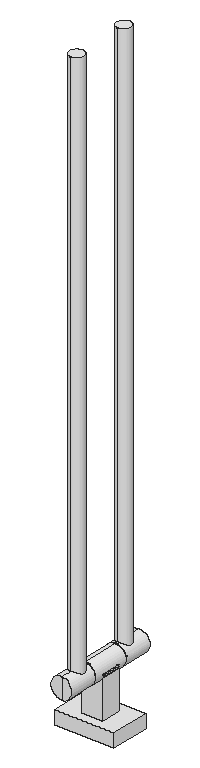
Revit family "Double_Towel_Bar-Grohe-Essentials_Cube-40624001", category Specialty Equipment, host Face, Revit 2018
Family settings
  Host = Face
  Round Connector Dimension = Use Diameter
  Part Type = Normal
  OmniClass Number = 23.40.20.21.27
  OmniClass Title = Towel Bars
  Cut with Voids When Loaded = No
  Shared = Yes
  Room Calculation Point = No
Parameters (values of type "40624001")
  Width = 42 mm
  Warranty Information = "Limited Lifetime Warranty"  # constant formula
  URL = "https://www.grohe.us/"
  Type Comments = ""
  Product Page URL = "https://www.grohe.us/Towel-Bars/18-Inch-Double-Towel-Bar/GROHE-CHROME-40624001"
  Product Documentation Link = "https://americanstandard.box.com/shared/static/jts3ffqr5gf23q4bs0m5tb3bsycpppsn.pdf"
  Price = "Prices may vary. Please consult Manufacturer Representative for most up-to-date price list."  # constant formula
  Model = "40624001"
  Material = "Metal-Grohe-001-Chrome"
  Manufacturer = "Grohe"
  Length = 439 mm
  Installation Type = "Wall Mounted"  # constant formula
  Height = 69 mm
  Finish = Metal-Grohe-001-Starlight Chrome
  Description = "ESSENTIALS CUBE Towel Bar"  # constant formula
  Default Elevation = 0 mm
  Creation Date = "05/03/2021"  # constant formula
  Assembly Code = "C1030200"
Reference planes
  plane 1 "Center (Front/Back)": y = 0
  plane 2: z = 0
  plane 3 "Center (Left/Right)": x = 0
  plane 4: y = 14
  plane 5: y = -14
  plane 6: x = 7.5
  plane 7: x = -7.5
  plane 8: y = -34.5
  plane 9: y = 34.5
  plane 10: z = 40
  plane 11: x = -34.5
  plane 12: x = 34.5
  plane 13: z = 439
  plane 14: x = -21
  plane 15: x = 21
Forms (mm)
  Extrusion 1, solid, material "Metal-Grohe-001-Starlight Chrome" <- "Finish"
    sketch origin (0, 0, 0) x (1, 0, 0) y (0, 1, 0)
      loop
        line (-21, 14) -> (-21, -14) -> (21, -14) -> (21, 14) -> (-21, 14)
    from 0 to 10
  Extrusion 2, solid, material "Metal-Grohe-001-Starlight Chrome" <- "Finish"
    sketch origin (0, 0, 0) x (1, 0, 0) y (0, 1, 0)
      loop
        line (-7.5, 7.5) -> (-7.5, -7.5) -> (7.5, -7.5) -> (7.5, 7.5) -> (-7.5, 7.5)
    from 0 to 40
  Extrusion 3, solid, material "Metal-Grohe-001-Starlight Chrome" <- "Finish"
    sketch origin (0, 0, 0) x (0, 1, 0) y (-1, 0, 0)
      loop
        circle (21, 0) r 5
    from 40 to 439
  Extrusion 4, solid, material "Metal-Grohe-001-Starlight Chrome" <- "Finish"
    sketch origin (0, -42, 0) x (0, 1, 0) y (-1, 0, 0)
      loop
        circle (21, 0) r 5
    from 40 to 439
  Revolve 5, solid, material "Metal-Grohe-001-Starlight Chrome" <- "Finish"
    sketch origin (0, 0, 0) x (0, 1, 0) y (0, 0, 1)
      loop
        line (34.5, 40) -> (34.5, 47.5) -> (14, 47.5) -> (14, 45.834) -> (13.219, 45.834) -> (13.219, 47.5) -> (-13.219, 47.5) -> (-13.219, 45.834) -> (-14, 45.834) -> (-14, 47.5) -> (-34.5, 47.5) -> (-34.5, 40) -> (34.5, 40)
      axis (-34.5, 40) -> (34.5, 40)
    angle from 0 to 360
Lines and regions (mm)
  Masking region 1
    outline origin (0, 0, 0) x (1, 0, 0) y (0, 0, 1)
      loop
        line (5, 439) -> (-5.008, 439) -> (-5.008, 45.583)
        arc (-5.008, 45.583) -> (-6.849, 43.057) -> (-7.5, 40) r 7.5
        line (-7.5, 40) -> (-7.5, 10) -> (-21, 10) -> (-21, 0) -> (21, 0) -> (21, 10) -> (7.5, 10) -> (7.5, 40)
        arc (7.5, 40) -> (6.847, 43.062) -> (5, 45.59) r 7.5
        line (5, 45.59) -> (5, 439)
  symbolic lines, detail levels medium+fine
    curve 1: arc (-5.008, 0, 45.583) -> (-0.005, 0, 47.5) -> (5, 0, 45.59) r 7.5
    curve 2: line (7.5, 0, 10) -> (-7.5, 0, 10)
    curve 3: arc (7.5, 0, 40) -> (0, 0, 32.5) -> (-7.5, 0, 40) r 7.5
Dimensions and locks
  host face to plane 13 = 439 mm
  locked: plane 9 to plane 8 at 69
  "Height": plane 12 to plane 11
  "Length": host face to plane 13
  "Width": plane 14 to plane 15
  aligned and locked: plane 2 to host face
  aligned and locked: level to host face
  aligned and locked: Extrusion 1 sketch curve to plane 5
  aligned and locked: Extrusion 2 to plane 10
  aligned and locked: Masking region 1 sketch curve to Extrusion 3
  aligned and locked: Masking region 1 to curve 2
  aligned and locked: Revolve 5 sketch curve to plane 9
  aligned and locked: plane 10 to Revolve 5 sketch curve
  aligned and locked: plane 8 to Revolve 5 sketch curve
Automatic sketch dimensions
  curve 2 to plane 7 = 0 mm
  curve 2 to plane 6 = 0 mm
  plane 7 to curve 1 = 2.492 mm
  curve 1 to plane 6 = 2.5 mm
  host sketch curve to host sketch curve = 2438.4 mm  (x2)
  plane 4 to Extrusion 1 sketch curve = 0 mm
  Extrusion 1 sketch curve to plane 7 = 13.5 mm
  plane 6 to Extrusion 1 sketch curve = 13.5 mm
  Extrusion 2 sketch curve to plane 7 = 0 mm
  Extrusion 2 sketch curve to plane 6 = 0 mm
  Extrusion 2 sketch curve to plane 5 = 6.5 mm
  plane 4 to Extrusion 2 sketch curve = 6.5 mm
  Extrusion 3 sketch curve to plane 3 "Center (Left/Right)" = 0 mm
  Extrusion 3 sketch curve to plane 4 = 7 mm
  Extrusion 4 sketch curve to plane 3 "Center (Left/Right)" = 0 mm
  plane 5 to Extrusion 4 sketch curve = 7 mm
  Masking region 1 sketch curve to Masking region 1 sketch curve = 0 mm  (x2)
  Masking region 1 sketch curve to level = 0 mm
  Masking region 1 sketch curve to plane 7 = 0 mm
  Masking region 1 sketch curve to plane 3 "Center (Left/Right)" = 0 mm
  Masking region 1 sketch curve to plane 6 = 0 mm
  Masking region 1 sketch curve to plane 10 = 0 mm
  Masking region 1 sketch curve to plane 7 = 13.5 mm
  plane 7 to Masking region 1 sketch curve = 2.492 mm
  Masking region 1 sketch curve to plane 6 = 2.5 mm
  plane 6 to Masking region 1 sketch curve = 13.5 mm
  Masking region 1 sketch curve to Masking region 1 sketch curve = 10 mm
  level to Masking region 1 sketch curve = 10 mm
  Revolve 5 sketch curve to plane 5 = 0 mm
  Revolve 5 sketch curve to plane 4 = 0 mm
  plane 10 to Revolve 5 sketch curve = 0 mm
  Revolve 5 sketch curve to plane 5 = 0.781 mm
  plane 4 to Revolve 5 sketch curve = 0.781 mm
  Revolve 5 sketch curve to plane 10 = 5.834 mm
  Revolve 5 sketch curve to Revolve 5 sketch curve = 0 mm  (x3)
  Revolve 5 sketch curve to Revolve 5 sketch curve = 1.666 mm
  Revolve 5 sketch curve to plane 9 = 4.5 mm
  Revolve 5 sketch curve to Revolve 5 sketch curve = 8.553 mm
  radius of Extrusion 3 sketch curve = 5 mm
  radius of Extrusion 4 sketch curve = 5 mm
